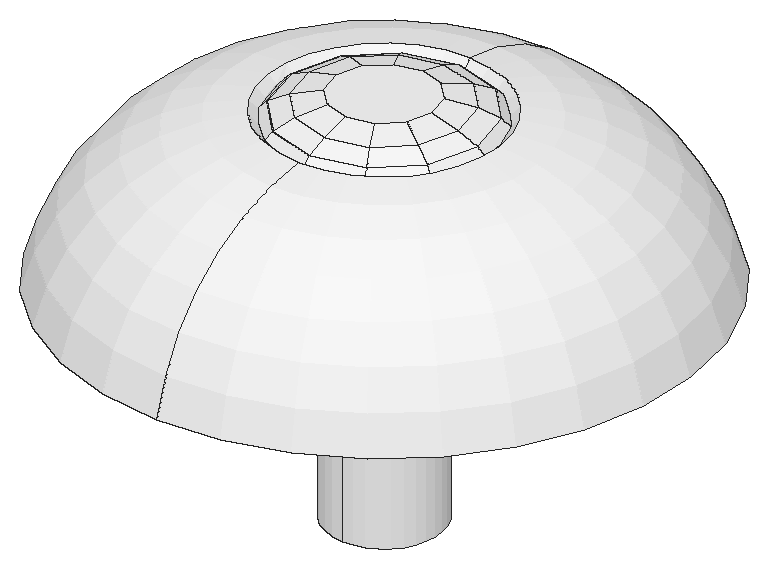
Revit family "1303a_omni_ir", category Communication Devices, host Face, Revit 2021
Family settings
  Host = Face
  Maintain Annotation Orientation = No
  Round Connector Dimension = Use Diameter
  Part Type = Normal
  OmniClass Number = 23.85.80.11.27
  OmniClass Title = Lighting Controls
  Cut with Voids When Loaded = No
  Shared = Yes
  Room Calculation Point = No
Parameters
  Width = 4.50"
  Warranty = "5-Years Warranty"  # constant formula
  Type Comments = "CEILING MOUNT OCCUPANCY SENSORS"  # constant formula
  Product Page URL = ""
  Product Documentation Link = ""
  URL = "https://www.currentlighting.com/nxlightingcontrols"
  Model = "OMNI®\r\n Low Voltage Passive Infrared Ceiling Sensor"  # constant formula
  Manufacturer = " NX Lighting Controls"  # constant formula
  Sensing Element = Paint -  Matte White
  Features = "IntelliDAPT self-adaptive technology—no manual adjustment required \r\n All-digital passive infrared (PIR) sensor \r\nNon-volatile memory for sensor settings \r\n 450 - 1,500 square-foot coverage area (depending on model) \r\n Optional relay and photocell control \r\n Optional Quick to Install (QTI) connector \r\nUL and cUL listed \r\nCalifornia Title 24 compliant\r\nFive-year limited warranty\r\n Low voltage device: 24 Vdc"
  Description = "The OMNI DT combines ultrasonic (US) and passive infrared (PIR) technologies\r\nto turn lighting on and off based on occupancy. This dual technology provides\r\naccurate turn-ons while virtually eliminating false-offs. This sensor features\r\nControls' patented IntelliDAPT® technology, which makes all the sensor\r\nadjustments automatically"  # constant formula
  Default Elevation = 48.00"
  Coverage = "450- 1500 sq ft, based on model"
  Copyright = "Copyright © NX Lighting Controls"  # constant formula
  Contact Us = ""
  Housing Material = Paint -  Matte White
  Certifications = "UL and cUL listed"
  Assembly Code = "D5090"
Reference planes (in)
  plane 1 "Center (Front/Back)": y = 10.63342
  plane 2: z = 0
  plane 3 "Center (Left/Right)": x = 0
  plane 4: x = -2.25
  plane 5: x = 2.25
  plane 6: y = 12.88342
  plane 7: y = 8.38342
  plane 8: z = 1.21
  plane 9: through (0.87749, -180, 1.95871) normal (0.7071, 0, 0.7071)
  plane 10: z = 1.5
Forms (in)
  Revolve 1, solid, material "Paint -  Matte White" <- "Housing Material"
    sketch origin (0, 10.63342, 0) x (0, 1, 0) y (0, 0, 1)
      loop
        line (0, 0) -> (2.25, 0)
        arc (2.25, 0) -> (1.74597, 0.83372) -> (0.84555, 1.20571) r 1.55971
        line (0.84555, 1.20571) -> (0.73563, 1.09579) -> (0, 1.09579) -> (0, 0)
      axis (0, 1.20571) -> (0, 0)
    angle from 0 to 360
  Extrusion 2, solid, material "Paint -  Matte White" <- "Housing Material"
    sketch origin (10.63342, 10.63342, 0) x (0, 1, 0) y (-1, 0, 0)
      loop
        circle (0, 10.63342) r 0.40974
    from -1.67 to 0
  Blend 3, solid, material "Paint -  Matte White" <- "Housing Material"
    base sketch origin (0, 0, 0) x (1, 0, 0) y (0, 1, 0)
      loop
        line (0, 11.47897) -> (-0.42278, 11.36569) -> (-0.73227, 11.05619) -> (-0.84555, 10.63342) -> (-0.73227, 10.21064) -> (-0.42278, 9.90115) -> (0, 9.78787) -> (0.42278, 9.90115) -> (0.73227, 10.21064) -> (0.84555, 10.63342) -> (0.73227, 11.05619) -> (0.42278, 11.36569) -> (0, 11.47897)
    top sketch origin (0, 0, 0) x (1, 0, 0) y (0, 1, 0)
      loop
        line (0, 11.36905) -> (-0.36781, 11.27049) -> (-0.63707, 11.00123) -> (-0.73563, 10.63342) -> (-0.63707, 10.26561) -> (-0.36781, 9.99635) -> (0, 9.89779) -> (0.36781, 9.99635) -> (0.63707, 10.26561) -> (0.73563, 10.63342) -> (0.63707, 11.00123) -> (0.36781, 11.27049) -> (0, 11.36905)
    from 1.09579 to 1.20571
  Blend 4, solid, material "Paint -  Matte White" <- "Sensing Element"
    base sketch origin (0, 0, 0) x (1, 0, 0) y (0, 1, 0)
      loop
        line (0, 11.36905) -> (-0.36781, 11.27049) -> (-0.63707, 11.00123) -> (-0.73563, 10.63342) -> (-0.63707, 10.26561) -> (-0.36781, 9.99635) -> (0, 9.89779) -> (0.36781, 9.99635) -> (0.63707, 10.26561) -> (0.73563, 10.63342) -> (0.63707, 11.00123) -> (0.36781, 11.27049) -> (0, 11.36905)
    top sketch origin (0, 0, 0) x (1, 0, 0) y (0, 1, 0)
      loop
        line (0, 11.22465) -> (-0.29562, 11.14544) -> (-0.51202, 10.92904) -> (-0.59124, 10.63342) -> (-0.51202, 10.3378) -> (-0.29562, 10.12139) -> (0, 10.04218) -> (0.29562, 10.12139) -> (0.51202, 10.3378) -> (0.59124, 10.63342) -> (0.51202, 10.92904) -> (0.29562, 11.14544) -> (0, 11.22465)
    from 1.20571 to 1.27
  Blend 5, solid, material "Paint -  Matte White" <- "Sensing Element"
    base sketch origin (0, 0, 0) x (1, 0, 0) y (0, 1, 0)
      loop
        line (0, 11.22465) -> (-0.29562, 11.14544) -> (-0.51202, 10.92904) -> (-0.59124, 10.63342) -> (-0.51202, 10.3378) -> (-0.29562, 10.12139) -> (0, 10.04218) -> (0.29562, 10.12139) -> (0.51202, 10.3378) -> (0.59124, 10.63342) -> (0.51202, 10.92904) -> (0.29562, 11.14544) -> (0, 11.22465)
    top sketch origin (0, 0, 0) x (1, 0, 0) y (0, 1, 0)
      loop
        line (0, 11.00934) -> (-0.18796, 10.95897) -> (-0.32556, 10.82138) -> (-0.37592, 10.63342) -> (-0.32556, 10.44546) -> (-0.18796, 10.30786) -> (0, 10.2575) -> (0.18796, 10.30786) -> (0.32556, 10.44546) -> (0.37592, 10.63342) -> (0.32556, 10.82138) -> (0.18796, 10.95897) -> (0, 11.00934)
    from 1.27 to 1.32
Cuts and joins
  joined: Revolve 1, Extrusion 2, Blend 3
  joined: Blend 4, Blend 5
Dimensions and locks (in)
  "Width": plane 4 to plane 5
  "Width": plane 7 to plane 6
  equal spacing: plane 4, plane 3 "Center (Left/Right)", plane 5
  equal spacing: plane 7, plane 1 "Center (Front/Back)", plane 6
  plane 8 to plane 2 = 1.21"
  plane 10 to plane 2 = 1.50"
  aligned and locked: plane 2 to host face
  aligned and locked: level to host face
Automatic sketch dimensions
  host sketch curve to host sketch curve = 96.00"  (x2)
  Revolve 1 sketch curve to plane 1 "Center (Front/Back)" = 0.00"  (x2)
  Revolve 1 sketch curve to level = 0.00"
  Revolve 1 sketch curve to plane 6 = 0.00"
  Revolve 1 sketch curve to level = 0.34971"
  Revolve 1 sketch curve to plane 1 "Center (Front/Back)" = 0.73"
  plane 8 to Revolve 1 sketch curve = 0.11421"
  Revolve 1 sketch curve to plane 1 "Center (Front/Back)" = 0.73563"
  plane 8 to Revolve 1 sketch curve = 0.00429"
  Revolve 1 sketch curve to Revolve 1 sketch curve = 23.65029"
  Revolve 1 sketch curve to plane 10 = 54.02668"
  plane 1 "Center (Front/Back)" to Extrusion 2 sketch curve = 0.00"
  Extrusion 2 sketch curve to plane 3 "Center (Left/Right)" = 0.00"
  plane 1 "Center (Front/Back)" to Blend 3 sketch curve = 0.00"  (x2)
  Blend 3 sketch curve to plane 3 "Center (Left/Right)" = 0.00"  (x2)
  Blend 3 sketch curve to plane 3 "Center (Left/Right)" = 0.36781"  (x2)
  Blend 3 sketch curve to Blend 3 sketch curve = 0.26926"  (x8)
  Blend 3 sketch curve to Blend 3 sketch curve = 0.09856"  (x4)
  plane 3 "Center (Left/Right)" to Blend 3 sketch curve = 0.36781"  (x2)
  plane 1 "Center (Front/Back)" to Blend 3 sketch curve = 0.36781"  (x2)
  Blend 3 sketch curve to plane 1 "Center (Front/Back)" = 0.36781"  (x2)
  radius of Extrusion 2 sketch curve = 0.40974"
Connectors (in)
  electrical at (0, 10.63342, 0)
    settings: on cut or joined group of Revolve 1, Extrusion 2, Blend 3, index 1, voltage 0 V, apparent load 0 VA, apparent load phase1 0 VA, apparent load phase2 0 VA, apparent load phase3 0 VA, power factor 1, load classification "Other", number of poles 1, system type 14, power factor state 1, is connector primary yes, connector utility no, sub classification motor no, connector description "Occupancy Sensor"
